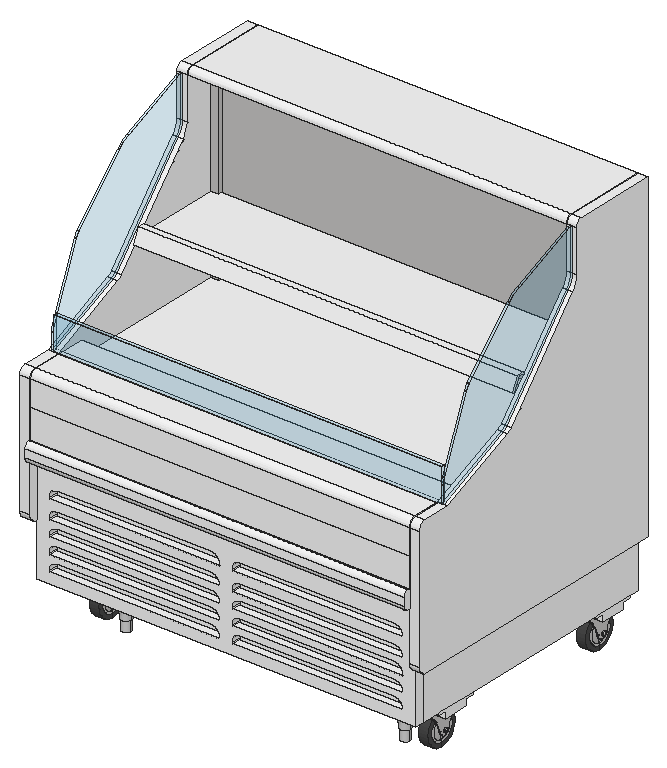
Revit family "QF_EVEREST_EOMH-48-_-35-T_cat", category Specialty Equipment, Revit 2017
Family settings
  Round Connector Dimension = Use Diameter
  Part Type = Normal
  Work Plane-Based = No
  Always vertical = Yes
  Cut with Voids When Loaded = No
  Shared = No
  Room Calculation Point = No
Parameters (values of type "QF_EVEREST_EOMH-48-_-35-T_cat")
  Weight in Pounds = 0
  Watts = if(Phase = 3, Volts * FL Amps * 1.73, Volts * FL Amps)  # 862.5 W
  Volts = 115 V
  URL Cutsheet = ""
  Specification by User = ""
  Specification by Manufacturer = ""
  Serial Number = ""
  Seismic Rating = ""
  SMACNA No = ""
  Revision Code = ""
  Refrigerant Volume = 0.00 kip
  Refrigerant Type = "R290"
  Phase = 1
  Number of Poles = 1
  NAFEM Spec ID Number = ""
  Model = "EOMH-36-B-35-T"
  Min Ckt Ampacity = 0 A
  Max Overcurrent Protection = 0 A
  Materials and Finishes = QF_Plastic - White - Smooth
  Masterspec = ""
  Manufacturer = "EVEREST"
  Length = 48"
  Item Number = ""
  Installed By = ""
  Identify Quantity as Lot = yes
  Height = 51"
  HP = "3/4"  # constant formula
  Furnished By = ""
  Foodservice Equipment Identifier = yes
  FL Amps = 7.5 A  # constant formula
  Electrical Remarks = ""
  Electric Connection Type = ""
  Elec Conn RI Height = 0"
  Elec Conn Connection Height = 0"
  Description = "OPEN AIR MERCHANDISERS"
  Depth = 34 1/4"
  Cycle = 60 Hz
  Conn Plug = "NEMA 5-20P"
  Conn Conduit = yes
  CSI MasterFormat = ""
  BTUH = 0.0 Btu/h
  Apparent Power = if(Phase = 3, Volts * FL Amps * 1.73, Volts * FL Amps)  # 862.5 VA
Reference planes (in)
  plane 1 "BACK": y = 0
  plane 2: z = 0
  plane 3 "LEFT": x = 0
  plane 4 "RIGHT": x = 48
  plane 5 "FRONT": y = -35
  plane 6 "TOP": z = 51
  plane 7 "Center Y": x = 24
  plane 8 "Center X": y = -17.5
  plane 9: z = 5
  plane 10: z = 28.75
  plane 11: z = 27
  plane 12: z = 35.25
  plane 13: z = 36.25
  plane 14: z = 45.25
  plane 15: x = 4.24624
  plane 16: x = 43.75376
  plane 17: x = 12
Forms (in)
  Extrusion 1, solid, material "QF_Plastic - White - Smooth" <- "Materials and Finishes"
    sketch origin (0, 0, 0) x (0, 1, 0) y (0, 0, 1)
      loop
        line (-34.25, 27.89222) -> (-34.25, 13.267)
        arc (-34.25, 13.267) -> (-33.95711, 12.55989) -> (-33.25, 12.267) r 1
        line (-33.25, 12.267) -> (0, 12.267) -> (0, 51) -> (-9.89202, 51)
        arc (-9.89202, 51) -> (-10.42235, 50.78033) -> (-10.64202, 50.25) r 0.75
        line (-10.64202, 50.25) -> (-10.64202, 45.20626)
        arc (-10.64202, 45.20626) -> (-10.79628, 44.3532) -> (-11.23952, 43.60818) r 2.43588
        line (-11.23952, 43.60818) -> (-20.42309, 33.04369)
        arc (-20.42309, 33.04369) -> (-20.69654, 32.79238) -> (-21.01898, 32.60807) r 1.66181
        line (-21.01898, 32.60807) -> (-29.96169, 28.75) -> (-33.39222, 28.75)
        arc (-33.39222, 28.75) -> (-33.99876, 28.49876) -> (-34.25, 27.89222) r 0.85778
    from 0 to 1.22604
  Extrusion 2, solid, material "QF_Plastic - White - Smooth" <- "Materials and Finishes"
    sketch origin (0, 0, 0) x (0, 1, 0) y (0, 0, 1)
      loop
        line (0, 51) -> (-9.89202, 51)
        arc (-9.89202, 51) -> (-10.42235, 50.78033) -> (-10.64202, 50.25) r 0.75
        line (-10.64202, 50.25) -> (-6.69601, 50.25) -> (-6.69601, 24.89515) -> (-33.25, 24.89515) -> (-33.25, 21.29979) -> (-34.35184, 21.29979)
        arc (-34.35184, 21.29979) -> (-34.81016, 21.10995) -> (-35, 20.65164) r 0.64816
        line (-35, 20.65164) -> (-35, 19.73115)
        arc (-35, 19.73115) -> (-34.82789, 19.31565) -> (-34.41239, 19.14354) r 0.58761
        line (-34.41239, 19.14354) -> (-33.25, 19.14354) -> (-32.25, 19.14354) -> (-32.25, 6.017) -> (0, 6.017) -> (0, 51)
    from 1.22604 to 46.77396
  Extrusion 3, solid, material "QF_Plastic - White - Smooth" <- "Materials and Finishes"
    sketch origin (0, -32.25, 6.017) x (0, 0, 1) y (-1, 0, 0)
      loop
        line (13.12655, -1.22604) -> (0, -1.22604) -> (0, -46.77396) -> (13.12655, -46.77396) -> (13.12655, -1.22604)
      loop
        line (10.31385, -44.20901) -> (10.31385, -25.77151)
        arc (10.31385, -25.77151) -> (10.02095, -25.0644) -> (9.31385, -24.77151) r 1
        line (9.31385, -24.77151) -> (9.12635, -24.77151) -> (9.12635, -45.20901) -> (9.31385, -45.20901)
        arc (9.31385, -45.20901) -> (10.02095, -44.91611) -> (10.31385, -44.20901) r 1
      loop
        line (8.06385, -44.20901) -> (8.06385, -25.77151)
        arc (8.06385, -25.77151) -> (7.77095, -25.0644) -> (7.06385, -24.77151) r 1
        line (7.06385, -24.77151) -> (6.87635, -24.77151) -> (6.87635, -45.20901) -> (7.06385, -45.20901)
        arc (7.06385, -45.20901) -> (7.77095, -44.91611) -> (8.06385, -44.20901) r 1
      loop
        line (6.19272, -44.20901) -> (6.19272, -25.77151)
        arc (6.19272, -25.77151) -> (5.89982, -25.0644) -> (5.19272, -24.77151) r 1
        line (5.19272, -24.77151) -> (5.00522, -24.77151) -> (5.00522, -45.20901) -> (5.19272, -45.20901)
        arc (5.19272, -45.20901) -> (5.89982, -44.91611) -> (6.19272, -44.20901) r 1
      loop
        line (4.32159, -44.20901) -> (4.32159, -25.77151)
        arc (4.32159, -25.77151) -> (4.02869, -25.0644) -> (3.32159, -24.77151) r 1
        line (3.32159, -24.77151) -> (3.13409, -24.77151) -> (3.13409, -45.20901) -> (3.32159, -45.20901)
        arc (3.32159, -45.20901) -> (4.02869, -44.91611) -> (4.32159, -44.20901) r 1
      loop
        line (2.45046, -44.20901) -> (2.45046, -25.77151)
        arc (2.45046, -25.77151) -> (2.15757, -25.0644) -> (1.45046, -24.77151) r 1
        line (1.45046, -24.77151) -> (1.26296, -24.77151) -> (1.26296, -45.20901) -> (1.45046, -45.20901)
        arc (1.45046, -45.20901) -> (2.15757, -44.91611) -> (2.45046, -44.20901) r 1
      loop
        arc (10.31385, -3.79099) -> (10.02095, -3.08389) -> (9.31385, -2.79099) r 1
        line (9.31385, -2.79099) -> (9.12635, -2.79099) -> (9.12635, -23.22849) -> (9.31385, -23.22849)
        arc (9.31385, -23.22849) -> (10.02095, -22.9356) -> (10.31385, -22.22849) r 1
        line (10.31385, -22.22849) -> (10.31385, -3.79099)
      loop
        arc (8.06385, -3.79099) -> (7.77095, -3.08389) -> (7.06385, -2.79099) r 1
        line (7.06385, -2.79099) -> (6.87635, -2.79099) -> (6.87635, -23.22849) -> (7.06385, -23.22849)
        arc (7.06385, -23.22849) -> (7.77095, -22.9356) -> (8.06385, -22.22849) r 1
        line (8.06385, -22.22849) -> (8.06385, -3.79099)
      loop
        arc (6.19272, -3.79099) -> (5.89982, -3.08389) -> (5.19272, -2.79099) r 1
        line (5.19272, -2.79099) -> (5.00522, -2.79099) -> (5.00522, -23.22849) -> (5.19272, -23.22849)
        arc (5.19272, -23.22849) -> (5.89982, -22.9356) -> (6.19272, -22.22849) r 1
        line (6.19272, -22.22849) -> (6.19272, -3.79099)
      loop
        arc (4.32159, -3.79099) -> (4.02869, -3.08389) -> (3.32159, -2.79099) r 1
        line (3.32159, -2.79099) -> (3.13409, -2.79099) -> (3.13409, -23.22849) -> (3.32159, -23.22849)
        arc (3.32159, -23.22849) -> (4.02869, -22.9356) -> (4.32159, -22.22849) r 1
        line (4.32159, -22.22849) -> (4.32159, -3.79099)
      loop
        arc (2.45046, -3.79099) -> (2.15757, -3.08389) -> (1.45046, -2.79099) r 1
        line (1.45046, -2.79099) -> (1.26296, -2.79099) -> (1.26296, -23.22849) -> (1.45046, -23.22849)
        arc (1.45046, -23.22849) -> (2.15757, -22.9356) -> (2.45046, -22.22849) r 1
        line (2.45046, -22.22849) -> (2.45046, -3.79099)
    from 0 to 1.03984
  Extrusion 4, solid, material "QF_Plastic - White - Smooth" <- "Materials and Finishes"
    sketch origin (1.22604, 0, 0) x (0, 1, 0) y (0, 0, 1)
      loop
        line (-33.25, 21.29979) -> (-33.25, 24.89515) -> (-34.25, 24.89515) -> (-34.25, 21.29979) -> (-33.25, 21.29979)
    from 0 to 45.54793
  Extrusion 5, solid, material "QF_Plastic - White - Smooth" <- "Materials and Finishes"
    sketch origin (1.22604, 0, -1.12184) x (0, 1, 0) y (0, 0, 1)
      loop
        line (-30, 29.87184) -> (-30, 26.017) -> (-6.69601, 26.017) -> (-6.69601, 28.12184) -> (-26.69601, 28.12184) -> (-26.69601, 29.87184) -> (-30, 29.87184)
    from 0 to 45.54793
  Extrusion 6, solid, material "QF_Plastic - White - Smooth"
    sketch origin (0, 0, 0) x (0, 1, 0) y (0, 0, 1)
      loop
        line (-16.69601, 36.25) -> (-17.19601, 37.11603) -> (-17.94601, 37.11603) -> (-18.68559, 35.52999) -> (-18.54767, 35.52999) -> (-17.86637, 36.99103) -> (-17.26818, 36.99103) -> (-16.69601, 36) -> (-16.69601, 35.25) -> (-6.69601, 35.25) -> (-6.69601, 36.25) -> (-16.69601, 36.25)
    from 1.22604 to 46.77396
  Extrusion 7, solid, material "QF_Plastic - White - Smooth" <- "Materials and Finishes"
    sketch origin (0, 0, 0) x (0, 1, 0) y (0, 0, 1)
      loop
        line (-29.89975, 6.017) -> (-29.89975, 5.767) -> (-28.83868, 5.767) -> (-28.83868, 5) -> (-25.83868, 5) -> (-25.83868, 5.767) -> (-24.79418, 5.767) -> (-24.79418, 6.017) -> (-29.89975, 6.017)
      loop
        line (-6.20569, 6.017) -> (-6.20569, 5.767) -> (-5.14462, 5.767) -> (-5.14462, 5) -> (-2.14462, 5) -> (-2.14462, 5.767) -> (-1.10012, 5.767) -> (-1.10012, 6.017) -> (-6.20569, 6.017)
    from 1.22604 to 46.77396
  Extrusion 8, solid, material "QF_Plastic - White - Smooth" <- "Materials and Finishes"
    sketch origin (1.22604, 0, -1.12184) x (0, 1, 0) y (0, 0, 1)
      loop
        arc (-33.39222, 29.87184) -> (-33.99876, 29.6206) -> (-34.25, 29.01406) r 0.85778
        line (-34.25, 29.01406) -> (-34.25, 26.017) -> (-30, 26.017) -> (-30, 29.87184) -> (-33.39222, 29.87184)
    from 0 to 45.54793
  Extrusion 9, solid, material "Glass"
    sketch origin (1.22604, 0, 0) x (0, 1, 0) y (0, 0, 1)
      loop
        line (-20.67142, 32.75801) -> (-11.23952, 43.60818)
        arc (-11.23952, 43.60818) -> (-10.79628, 44.3532) -> (-10.64202, 45.20626) r 2.43588
        line (-10.64202, 45.20626) -> (-10.64202, 50.25) -> (-11.07885, 50.25) -> (-18.68994, 47.10232)
        arc (-18.68994, 47.10232) -> (-19.4692, 46.68621) -> (-20.15215, 46.12589) r 4.5
        line (-20.15215, 46.12589) -> (-26.2043, 40.07374)
        arc (-26.2043, 40.07374) -> (-26.44816, 39.77791) -> (-26.6311, 39.44099) r 2
        line (-26.6311, 39.44099) -> (-29.92864, 31.67247)
        arc (-29.92864, 31.67247) -> (-30.05184, 31.2757) -> (-30.09346, 30.86234) r 2.07337
        line (-30.09346, 30.86234) -> (-30.09346, 28.75) -> (-29.96169, 28.75) -> (-20.67142, 32.75801)
    from -0.51714 to -0.7699
  Extrusion 10, solid, material "QF_Plastic - White - Smooth" <- "Materials and Finishes"
    sketch origin (48, 0, 0) x (0, -1, 0) y (0, 0, 1)
      loop
        arc (34.25, 27.89222) -> (33.99876, 28.49876) -> (33.39222, 28.75) r 0.85778
        line (33.39222, 28.75) -> (29.96169, 28.75) -> (21.01898, 32.60807)
        arc (21.01898, 32.60807) -> (20.69654, 32.79238) -> (20.42309, 33.04369) r 1.66181
        line (20.42309, 33.04369) -> (11.23952, 43.60818)
        arc (11.23952, 43.60818) -> (10.79628, 44.3532) -> (10.64202, 45.20626) r 2.43588
        line (10.64202, 45.20626) -> (10.64202, 50.25)
        arc (10.64202, 50.25) -> (10.42235, 50.78033) -> (9.89202, 51) r 0.75
        line (9.89202, 51) -> (0, 51) -> (0, 12.267) -> (33.25, 12.267)
        arc (33.25, 12.267) -> (33.95711, 12.55989) -> (34.25, 13.267) r 1
        line (34.25, 13.267) -> (34.25, 27.89222)
    from 0 to 1.22604
  Extrusion 11, solid, material "QF_Metal - Stainless - Polished"
    sketch origin (0, -6.69601, 80.69493) x (0, 0, -1) y (1, 0, 0)
      loop
        line (30.44493, 1.22604) -> (44.44493, 1.22604) -> (44.44493, 2.22604) -> (30.44493, 2.22604) -> (30.44493, 1.22604)
      loop
        line (45.44493, 1.22604) -> (55.79977, 1.22604) -> (55.79977, 2.22604) -> (45.44493, 2.22604) -> (45.44493, 1.22604)
      loop
        line (30.44493, 46.77396) -> (30.44493, 45.77396) -> (44.44493, 45.77396) -> (44.44493, 46.77396) -> (30.44493, 46.77396)
      loop
        line (45.44493, 46.77396) -> (45.44493, 45.77396) -> (55.79977, 45.77396) -> (55.79977, 46.77396) -> (45.44493, 46.77396)
    from 0 to 0.5
  Extrusion 12, solid, material "Glass"
    sketch origin (46.77396, 0, 0) x (0, 1, 0) y (0, 0, -1)
      loop
        line (-20.67142, -32.75801) -> (-29.96169, -28.75) -> (-30.09346, -28.75) -> (-30.09346, -30.86234)
        arc (-30.09346, -30.86234) -> (-30.05184, -31.2757) -> (-29.92864, -31.67247) r 2.07337
        line (-29.92864, -31.67247) -> (-26.6311, -39.44099)
        arc (-26.6311, -39.44099) -> (-26.44816, -39.77791) -> (-26.2043, -40.07374) r 2
        line (-26.2043, -40.07374) -> (-20.15215, -46.12589)
        arc (-20.15215, -46.12589) -> (-19.4692, -46.68621) -> (-18.68994, -47.10232) r 4.5
        line (-18.68994, -47.10232) -> (-11.07885, -50.25) -> (-10.64202, -50.25) -> (-10.64202, -45.20626)
        arc (-10.64202, -45.20626) -> (-10.79628, -44.3532) -> (-11.23952, -43.60818) r 2.43588
        line (-11.23952, -43.60818) -> (-20.67142, -32.75801)
    from -0.51714 to -0.7699
  Extrusion 13, solid, material "QF_Metal - Stainless - Polished"
    sketch origin (-6.625, 0.75, 0) x (1, 0, 0) y (0, 1, 0)
      loop
        line (17.93111, 0.25) -> (17.62982, -0.625) -> (17.14606, -0.625) -> (17.08777, -0.75) -> (17.71898, -0.75) -> (18.02027, 0.125) -> (19.22973, 0.125) -> (19.53102, -0.75) -> (20.16223, -0.75) -> (20.10394, -0.625) -> (19.62018, -0.625) -> (19.31889, 0.25) -> (17.93111, 0.25)
    from 30.20553 to 31.45625
  Extrusion 14, solid, material "Glass"
    sketch origin (0.7089, 0, 0) x (0, 1, 0) y (0, 0, 1)
      loop
        line (-30.09346, 28.75) -> (-29.59346, 28.75) -> (-29.59346, 32.75) -> (-30.09346, 32.75) -> (-30.09346, 28.75)
    from 0 to 46.58221
  Extrusion 15, solid, material "QF_Metal - Stainless - Polished"
    sketch origin (54.625, 0.75, 0) x (-1, 0, 0) y (0, -1, 0)
      loop
        line (17.93111, -0.25) -> (19.31889, -0.25) -> (19.62018, 0.625) -> (20.10394, 0.625) -> (20.16223, 0.75) -> (19.53102, 0.75) -> (19.22973, -0.125) -> (18.02027, -0.125) -> (17.71898, 0.75) -> (17.08777, 0.75) -> (17.14606, 0.625) -> (17.62982, 0.625) -> (17.93111, -0.25)
    from 30.20553 to 31.45625
Lines and regions (in)
  symbolic lines
    curve 1: line (0, -34.25, 0) -> (48, -34.25, 0)
    curve 2: line (0, 0, 0) -> (0, -34.25, 0)
    curve 3: line (48, 0, 0) -> (0, 0, 0)
    curve 4: line (48, -34.25, 0) -> (48, 0, 0)
    curve 5: line (1.22604, -35, 0) -> (1.22604, -34.25, 0)
    curve 6: line (1.22604, -35, 0) -> (46.77396, -35, 0)
    curve 7: line (46.77396, -35, 0) -> (46.77396, -34.25, 0)
    curve 8: line (1.22604, 0, 0) -> (1.22604, -34.25, 0)
    curve 9: line (46.77396, 0, 0) -> (46.77396, -34.25, 0)
    curve 10: line (0.45614, -30.09346, 0) -> (0.7089, -30.09346, 0)
    curve 11: line (0.7089, -30.09346, 0) -> (0.7089, -10.64202, 0)
    curve 12: line (0.45614, -30.09346, 0) -> (0.45614, -10.64202, 0)
    curve 13: line (0, -10.64202, 0) -> (48, -10.64202, 0)
    curve 14: line (47.2911, -30.09346, 0) -> (47.2911, -10.64202, 0)
    curve 15: line (47.2911, -30.09346, 0) -> (47.54386, -30.09346, 0)
    curve 16: line (47.54386, -30.09346, 0) -> (47.54386, -10.64202, 0)
    curve 17: line (1.22604, -24.75, 0) -> (46.77396, -24.75, 0)
    curve 18: line (12.69389, 1, 0) -> (11.30611, 1, 0)
    curve 19: line (10.52106, 0.125, 0) -> (10.46277, 0, 0)
    curve 20: line (12.99518, 0.125, 0) -> (12.69389, 1, 0)
    curve 21: line (13.47894, 0.125, 0) -> (12.99518, 0.125, 0)
    curve 22: line (13.53723, 0, 0) -> (13.47894, 0.125, 0)
    curve 23: line (12.60473, 0.875, 0) -> (12.90602, 0, 0)
    curve 24: line (11.39527, 0.875, 0) -> (12.60473, 0.875, 0)
    curve 25: line (11.09398, 0, 0) -> (11.39527, 0.875, 0)
    curve 26: line (11.30611, 1, 0) -> (11.00482, 0.125, 0)
    curve 27: line (11.00482, 0.125, 0) -> (10.52106, 0.125, 0)
    curve 28: line (35.30611, 1, 0) -> (36.69389, 1, 0)
    curve 29: line (37.47894, 0.125, 0) -> (37.53723, 0, 0)
    curve 30: line (35.00482, 0.125, 0) -> (35.30611, 1, 0)
    curve 31: line (34.52106, 0.125, 0) -> (35.00482, 0.125, 0)
    curve 32: line (34.46277, 0, 0) -> (34.52106, 0.125, 0)
    curve 33: line (35.39527, 0.875, 0) -> (35.09398, 0, 0)
    curve 34: line (36.60473, 0.875, 0) -> (35.39527, 0.875, 0)
    curve 35: line (36.90602, 0, 0) -> (36.60473, 0.875, 0)
    curve 36: line (36.69389, 1, 0) -> (36.99518, 0.125, 0)
    curve 37: line (36.99518, 0.125, 0) -> (37.47894, 0.125, 0)
Dimensions and locks (in)
  equal spacing: plane 3 "LEFT", plane 7 "Center Y", plane 4 "RIGHT"
  "Length": plane 3 "LEFT" to plane 4 "RIGHT"
  equal spacing: plane 5 "FRONT", plane 8 "Center X", plane 1 "BACK"
  plane 5 "FRONT" to plane 1 "BACK" = 35"  (x2)
  "Height": plane 6 "TOP" to level
  plane 9 to plane 2 = 5"
  plane 6 "TOP" to plane 9 = 46"
  "Depth": curve 1 to plane 1 "BACK"
  plane 10 to plane 2 = 28 3/4"
  Extrusion 5 to Extrusion 11 = 20"
  Extrusion 6 to Extrusion 5 = 8 1/4"
  plane 13 to plane 14 = 9"
  Extrusion 6 to Extrusion 6 = 10"
  aligned and locked: plane 2 to level
Automatic sketch dimensions
  Extrusion 1 sketch curve to plane 10 = 0"
  Extrusion 1 sketch curve to plane 6 "TOP" = 0"
  Extrusion 1 sketch curve to plane 1 "BACK" = 0"
  plane 8 "Center X" to Extrusion 1 sketch curve = 7.60798"
  Extrusion 1 sketch curve to plane 6 "TOP" = 3/4"
  plane 14 to Extrusion 1 sketch curve = 1.64182"
  Extrusion 1 sketch curve to Extrusion 1 sketch curve = 0.5975"
  plane 14 to Extrusion 1 sketch curve = 0.04374"
  Extrusion 1 sketch curve to plane 8 "Center X" = 2.92309"
  Extrusion 1 sketch curve to Extrusion 1 sketch curve = 0.59589"
  Extrusion 1 sketch curve to Extrusion 1 sketch curve = 1.25418"
  Extrusion 1 sketch curve to plane 5 "FRONT" = 5.03831"
  Extrusion 1 sketch curve to plane 5 "FRONT" = 1 3/4"
  Extrusion 1 sketch curve to plane 5 "FRONT" = 1.60778"
  Extrusion 1 sketch curve to plane 5 "FRONT" = 3/4"
  plane 9 to Extrusion 1 sketch curve = 8.267"
  plane 12 to Extrusion 1 sketch curve = 2.64193"
  Extrusion 1 sketch curve to Extrusion 1 sketch curve = 0.43562"
  Extrusion 2 sketch curve to plane 5 "FRONT" = 0"
  Extrusion 2 sketch curve to plane 6 "TOP" = 0"
  Extrusion 2 sketch curve to plane 1 "BACK" = 0"
  Extrusion 2 sketch curve to plane 5 "FRONT" = 0.58761"
  Extrusion 2 sketch curve to plane 5 "FRONT" = 0.64816"
  Extrusion 2 sketch curve to Extrusion 2 sketch curve = 1.16239"
  Extrusion 2 sketch curve to Extrusion 2 sketch curve = 1.10184"
  Extrusion 2 sketch curve to Extrusion 2 sketch curve = 1"
  Extrusion 2 sketch curve to plane 6 "TOP" = 3/4"
  plane 8 "Center X" to Extrusion 2 sketch curve = 6.85798"
  Extrusion 2 sketch curve to Extrusion 2 sketch curve = 3.19601"
  plane 11 to Extrusion 2 sketch curve = 2.10485"
  Extrusion 2 sketch curve to Extrusion 2 sketch curve = 3.59536"
  Extrusion 2 sketch curve to Extrusion 2 sketch curve = 0.92048"
  plane 9 to Extrusion 2 sketch curve = 1.017"
  Extrusion 3 sketch curve to Extrusion 2 = 0"  (x4)
  Extrusion 2 to Extrusion 3 sketch curve = 1.26296"  (x2)
  Extrusion 3 sketch curve to Extrusion 3 sketch curve = 3/16"  (x13)
  Extrusion 3 sketch curve to Extrusion 3 sketch curve = 1"  (x16)
  Extrusion 3 sketch curve to Extrusion 3 sketch curve = 0.68363"  (x6)
  Extrusion 3 sketch curve to Extrusion 3 sketch curve = 0.87113"  (x7)
  Extrusion 3 sketch curve to Extrusion 3 sketch curve = 1 1/16"  (x2)
  Extrusion 2 to Extrusion 3 sketch curve = 1.56496"  (x2)
  Extrusion 3 sketch curve to Extrusion 3 sketch curve = 18 7/16"
  Extrusion 3 sketch curve to Extrusion 3 sketch curve = 0"  (x7)
  Extrusion 3 sketch curve to Extrusion 3 sketch curve = 1.54301"  (x2)
  Extrusion 2 to Extrusion 3 sketch curve = 2.56496"  (x2)
  Extrusion 4 sketch curve to Extrusion 1 = 0"
  Extrusion 4 sketch curve to Extrusion 4 sketch curve = 1"
  Extrusion 4 sketch curve to Extrusion 1 = 7.45021"
  Extrusion 4 sketch curve to Extrusion 4 sketch curve = 3.59536"
  Extrusion 5 sketch curve to Extrusion 1 = 0"
  Extrusion 5 sketch curve to Extrusion 1 = 4 1/4"
  Extrusion 5 sketch curve to Extrusion 5 sketch curve = 3.30399"
  Extrusion 5 sketch curve to Extrusion 1 = 1 3/4"
  Extrusion 5 sketch curve to Extrusion 1 = 3.94601"
  Extrusion 5 sketch curve to Extrusion 5 sketch curve = 2.10485"
  plane 12 to Extrusion 6 sketch curve = 0"
  plane 13 to Extrusion 6 sketch curve = 0"
  Extrusion 6 sketch curve to plane 12 = 0.27999"
  Extrusion 6 sketch curve to plane 8 "Center X" = 1.18559"
  Extrusion 6 sketch curve to Extrusion 6 sketch curve = 0.13792"
  Extrusion 6 sketch curve to plane 8 "Center X" = 0.44601"
  Extrusion 6 sketch curve to Extrusion 6 sketch curve = 0.07963"
  plane 8 "Center X" to Extrusion 6 sketch curve = 0.23182"
  Extrusion 6 sketch curve to Extrusion 6 sketch curve = 0.07217"
  plane 8 "Center X" to Extrusion 6 sketch curve = 0.80399"
  Extrusion 6 sketch curve to Extrusion 6 sketch curve = 0"
  plane 1 "BACK" to Extrusion 6 sketch curve = 6.69601"
  Extrusion 6 sketch curve to Extrusion 6 sketch curve = 1/4"
  Extrusion 6 sketch curve to plane 13 = 0.74103"
  Extrusion 6 sketch curve to Extrusion 6 sketch curve = 1/8"
  Extrusion 7 sketch curve to plane 9 = 0"  (x2)
  plane 9 to Extrusion 7 sketch curve = 1.017"  (x2)
  Extrusion 7 sketch curve to plane 5 "FRONT" = 5.10025"
  Extrusion 7 sketch curve to Extrusion 7 sketch curve = 1.06106"  (x2)
  Extrusion 7 sketch curve to Extrusion 7 sketch curve = 3"
  Extrusion 7 sketch curve to Extrusion 7 sketch curve = 1.0445"  (x2)
  plane 1 "BACK" to Extrusion 7 sketch curve = 6.20569"
  plane 1 "BACK" to Extrusion 7 sketch curve = 2.14462"
  Extrusion 7 sketch curve to Extrusion 7 sketch curve = 0.767"  (x3)
  Extrusion 7 sketch curve to Extrusion 7 sketch curve = 1/4"
  Extrusion 8 sketch curve to Extrusion 1 = 4 1/4"
  Extrusion 8 sketch curve to Extrusion 8 sketch curve = 2.99706"
  Extrusion 9 sketch curve to Extrusion 1 = 0"  (x3)
  Extrusion 1 to Extrusion 9 sketch curve = 0"
  Extrusion 9 sketch curve to Extrusion 9 sketch curve = 0.13177"
  Extrusion 1 to Extrusion 9 sketch curve = 2.92247"
  Extrusion 9 sketch curve to Extrusion 9 sketch curve = 0.16482"
  Extrusion 9 sketch curve to Extrusion 9 sketch curve = 1.90855"
  Extrusion 9 sketch curve to Extrusion 1 = 7.6189"
  Extrusion 9 sketch curve to Extrusion 9 sketch curve = 0.4268"
  Extrusion 9 sketch curve to Extrusion 9 sketch curve = 1.41421"
  Extrusion 9 sketch curve to Extrusion 9 sketch curve = 7.07425"
  Extrusion 9 sketch curve to Extrusion 1 = 3.89768"
  Extrusion 9 sketch curve to Extrusion 9 sketch curve = 1.46221"
  Extrusion 9 sketch curve to Extrusion 9 sketch curve = 3.18198"
  Extrusion 1 to Extrusion 9 sketch curve = 0.5975"
  Extrusion 1 to Extrusion 9 sketch curve = 0.43683"
  Extrusion 9 sketch curve to Extrusion 9 sketch curve = 5.90151"
  Extrusion 9 sketch curve to Extrusion 9 sketch curve = 0.78146"
  Extrusion 9 sketch curve to Extrusion 9 sketch curve = 4.15841"
  Extrusion 9 sketch curve to Extrusion 1 = 3/4"
  Extrusion 10 sketch curve to plane 1 "BACK" = 0"
  Extrusion 10 sketch curve to plane 6 "TOP" = 0"
  Extrusion 10 sketch curve to plane 10 = 0"
  plane 8 "Center X" to Extrusion 10 sketch curve = 7.60798"
  Extrusion 10 sketch curve to plane 6 "TOP" = 3/4"
  plane 14 to Extrusion 10 sketch curve = 1.64182"
  Extrusion 10 sketch curve to Extrusion 10 sketch curve = 0.5975"
  plane 14 to Extrusion 10 sketch curve = 0.04374"
  Extrusion 10 sketch curve to plane 8 "Center X" = 2.92309"
  Extrusion 10 sketch curve to Extrusion 10 sketch curve = 0.59589"
  Extrusion 10 sketch curve to Extrusion 10 sketch curve = 0.65829"
  Extrusion 10 sketch curve to plane 5 "FRONT" = 5.03831"
  Extrusion 10 sketch curve to plane 5 "FRONT" = 1 3/4"
  Extrusion 10 sketch curve to plane 5 "FRONT" = 1.60778"
  Extrusion 10 sketch curve to plane 5 "FRONT" = 3/4"
  plane 9 to Extrusion 10 sketch curve = 8.267"
  plane 12 to Extrusion 10 sketch curve = 2.64193"
  Extrusion 10 sketch curve to Extrusion 10 sketch curve = 0.43562"
  Extrusion 11 sketch curve to plane 13 = 0"  (x2)
  Extrusion 11 sketch curve to plane 12 = 0"  (x2)
  Extrusion 11 sketch curve to plane 6 "TOP" = 3/4"  (x2)
  plane 11 to Extrusion 11 sketch curve = 2.10485"  (x2)
  plane 3 "LEFT" to Extrusion 11 sketch curve = 1.22604"  (x2)
  Extrusion 11 sketch curve to Extrusion 11 sketch curve = 1"  (x4)
  Extrusion 11 sketch curve to plane 16 = 2.0202"  (x2)
  Extrusion 12 sketch curve to plane 10 = 0"
  Extrusion 12 sketch curve to plane 5 "FRONT" = 4.90654"
  Extrusion 12 sketch curve to Extrusion 12 sketch curve = 0.13177"
  plane 10 to Extrusion 12 sketch curve = 2.92247"
  Extrusion 12 sketch curve to Extrusion 12 sketch curve = 0.16482"
  Extrusion 12 sketch curve to Extrusion 12 sketch curve = 2.07337"
  Extrusion 12 sketch curve to plane 13 = 3.19099"
  Extrusion 12 sketch curve to plane 5 "FRONT" = 8.3689"
  Extrusion 12 sketch curve to plane 13 = 3.82374"
  Extrusion 12 sketch curve to Extrusion 12 sketch curve = 0.4268"
  Extrusion 12 sketch curve to Extrusion 12 sketch curve = 1.84101"
  Extrusion 12 sketch curve to plane 8 "Center X" = 3.17142"
  Extrusion 12 sketch curve to plane 14 = 0.87589"
  Extrusion 12 sketch curve to plane 8 "Center X" = 2.65215"
  Extrusion 12 sketch curve to plane 8 "Center X" = 1.18994"
  plane 8 "Center X" to Extrusion 12 sketch curve = 0.52983"
  plane 14 to Extrusion 12 sketch curve = 0.04374"
  plane 8 "Center X" to Extrusion 12 sketch curve = 4.4221"
  plane 14 to Extrusion 12 sketch curve = 1.64182"
  Extrusion 12 sketch curve to Extrusion 12 sketch curve = 1.83838"
  Extrusion 12 sketch curve to Extrusion 12 sketch curve = 0.43683"
  Extrusion 12 sketch curve to Extrusion 12 sketch curve = 0.97643"
  Extrusion 12 sketch curve to plane 6 "TOP" = 3/4"
  plane 12 to Extrusion 12 sketch curve = 2.49199"
  plane 1 "BACK" to Extrusion 13 sketch curve = 0"  (x2)
  Extrusion 13 sketch curve to plane 17 = 1.53723"
  Extrusion 13 sketch curve to plane 1 "BACK" = 1/8"  (x2)
  Extrusion 13 sketch curve to Extrusion 13 sketch curve = 0.05829"  (x2)
  Extrusion 13 sketch curve to Extrusion 13 sketch curve = 0.48376"  (x2)
  Extrusion 13 sketch curve to Extrusion 13 sketch curve = 0.08916"  (x4)
  Extrusion 13 sketch curve to plane 17 = 0.69389"
  plane 17 to Extrusion 13 sketch curve = 0.60473"
  plane 17 to Extrusion 13 sketch curve = 0.90602"
  Extrusion 13 sketch curve to Extrusion 13 sketch curve = 3/4"
  Extrusion 13 sketch curve to Extrusion 13 sketch curve = 1/8"
  Extrusion 14 sketch curve to plane 10 = 0"
  Extrusion 14 sketch curve to plane 5 "FRONT" = 4.90654"
  Extrusion 14 sketch curve to Extrusion 14 sketch curve = 1/2"
  plane 12 to Extrusion 14 sketch curve = 2 1/2"
  plane 1 "BACK" to Extrusion 15 sketch curve = 0"  (x2)
  plane 16 to Extrusion 15 sketch curve = 6.21653"
  Extrusion 15 sketch curve to plane 1 "BACK" = 1/8"  (x2)
  Extrusion 15 sketch curve to Extrusion 15 sketch curve = 0.05829"  (x2)
  Extrusion 15 sketch curve to Extrusion 15 sketch curve = 0.48376"  (x2)
  Extrusion 15 sketch curve to Extrusion 15 sketch curve = 0.08916"  (x4)
  Extrusion 15 sketch curve to plane 1 "BACK" = 1"
  Extrusion 15 sketch curve to Extrusion 15 sketch curve = 0.30129"  (x2)
  Extrusion 15 sketch curve to plane 1 "BACK" = 7/8"
  Extrusion 15 sketch curve to Extrusion 15 sketch curve = 1.20946"
  curve 13 to plane 3 "LEFT" = 0"
  plane 5 "FRONT" to curve 6 = 0"
  plane 1 "BACK" to curve 8 = 0"
  curve 4 to plane 4 "RIGHT" = 0"
  plane 3 "LEFT" to curve 10 = 0.45614"
  curve 10 to curve 10 = 0.25276"
  plane 3 "LEFT" to curve 6 = 1.22604"
  curve 27 to plane 1 "BACK" = 1/8"
  curve 27 to plane 17 = 1.47894"
  curve 19 to curve 26 = 0.48376"
  curve 18 to plane 17 = 0.69389"
  curve 18 to curve 25 = 0.08916"
  plane 17 to curve 24 = 0.60473"
  curve 23 to curve 20 = 0.08916"  (x2)
  curve 20 to plane 1 "BACK" = 1/8"
  curve 23 to curve 20 = 0.39045"
  curve 20 to curve 22 = 0.48376"
  curve 32 to plane 1 "BACK" = 1/8"
  plane 16 to curve 32 = 9.2327"
  curve 31 to curve 31 = 0.48376"
  curve 30 to curve 28 = 0.30129"
  curve 28 to curve 34 = 0.08916"
  curve 33 to curve 34 = 1.20946"
  curve 36 to plane 1 "BACK" = 1"
  curve 34 to curve 36 = 0.08916"
  curve 36 to plane 1 "BACK" = 1/8"
  curve 34 to curve 36 = 0.39045"
  curve 36 to curve 29 = 0.48376"
  plane 4 "RIGHT" to curve 7 = 1.22604"
  plane 4 "RIGHT" to curve 15 = 0.7089"
  curve 14 to curve 16 = 0.25276"
  curve 8 to curve 10 = 4.15654"
  curve 1 to curve 16 = 4.15654"
  curve 26 to curve 24 = 3/4"
  curve 35 to curve 28 = 1/8"
  curve 24 to curve 26 = 1/8"
  plane 3 "LEFT" to curve 17 = 1.22604"
  curve 19 to curve 19 = 0.05829"
  curve 26 to curve 25 = 0.08916"
  curve 21 to curve 22 = 0.05829"
  curve 32 to curve 31 = 0.05829"
  curve 30 to curve 33 = 0.08916"
  curve 35 to curve 36 = 0.08916"
  curve 29 to curve 29 = 0.05829"
  plane 4 "RIGHT" to curve 17 = 1.22604"
  curve 10 to curve 17 = 5.34346"
  plane 8 "Center X" to curve 12 = 6.85798"
  radius of Extrusion 8 sketch curve to Extrusion 1 = 0"
  radius of Extrusion 9 sketch curve to Extrusion 1 = 0"
Nested families (in)
  nested 1: "5 INCHES 01_CASTER 2" at (4.24624, -27.33868, 0), type "5 INCHES 01_CASTER 2"
    with Type Mark "", Specification by User "", Revision Code "", Item Number "", Installed By "", Identify Quantity as Lot yes, Furnished By "", Foodservice Equipment Identifier yes
  nested 2: "5 INCHES 01_CASTER 2" at (4.24624, -3.64462, 0), type "5 INCHES 01_CASTER 2"
    with Type Mark "", Specification by User "", Revision Code "", Item Number "", Installed By "", Identify Quantity as Lot yes, Furnished By "", Foodservice Equipment Identifier yes
  nested 3: "5 INCHES 01_CASTER 2" at (43.75376, -27.33868, 0), type "5 INCHES 01_CASTER 2"
    with Type Mark "", Specification by User "", Revision Code "", Item Number "", Installed By "", Identify Quantity as Lot yes, Furnished By "", Foodservice Equipment Identifier yes
  nested 4: "5 INCHES 01_CASTER 2" at (43.75376, -3.64462, 0), type "5 INCHES 01_CASTER 2"
    with Type Mark "", Specification by User "", Revision Code "", Item Number "", Installed By "", Identify Quantity as Lot yes, Furnished By "", Foodservice Equipment Identifier yes
  nested 5: "4 INCHES LEGS" at (7.24624, -27.33868, 0), type "4 INCHES LEGS"
    with Type Mark "", Status "", Specification by User "", Show Legs yes, Show 6" Casters yes, Revision Code "", Item Number "", Installed By "", Identify Quantity as Lot yes, Furnished By "", Foodservice Equipment Identifier yes
  nested 6: "4 INCHES LEGS" at (40.75376, -27.33868, 0) x (-1, 0, 0) z (0, 0, 1), type "4 INCHES LEGS"
    with Type Mark "", Status "", Specification by User "", Show Legs yes, Show 6" Casters yes, Revision Code "", Item Number "", Installed By "", Identify Quantity as Lot yes, Furnished By "", Foodservice Equipment Identifier yes
Connectors (in)
  electrical at (37.22162, 0, 30.83089), driven by "Volts", driven by "Watts"
    settings: on Extrusion 15, index 3, voltage 115 V, apparent load 862.5 VA, apparent load phase1 0 VA, apparent load phase2 0 VA, apparent load phase3 0 VA, power factor 1, load classification "Other", number of poles 1, system type 30, power factor state 1, is connector primary yes, connector utility no, sub classification motor no, connector description "ELECTRICAL CONNECTION"
Definition of nested family "5 INCHES 01_CASTER 2"
  Parameters (values of type "5 INCHES 01_CASTER 2")
    Weight = ""
    URL Manufacturer = ""
    URL Cutsheet = ""
    URL = ""
    Type Mark [instance] = ""
    Specification by User [instance] = ""
    Specification by Manufacturer = ""
    Serial Number = ""
    Seismic Rating = ""
    SMACNA No = ""
    Revision Code [instance] = ""
    Omniclass Number and Title = ""
    NAFEM Spec ID Number = ""
    Model = ""
    MasterSpec. = ""
    Manufacturer = ""
    Item Number [instance] = ""
    Installed By [instance] = ""
    Identify Quantity as Lot [instance] = yes
    Furnished By [instance] = ""
    Foodservice Equipment Identifier [instance] = yes
    Description = ""
    CSI MasterFormat = ""
    CSI Master Format = ""
    Assembly Code = ""
  Reference planes (in)
    plane 1: z = 0
    plane 2 "RIGHT": x = 0
    plane 3 "FRONT": y = 0
    plane 4 "TOP": z = 5
  Forms (in)
    Revolve 1, solid
      sketch origin (-1.93794, 0.99859, -1.0041) x (1, 0, 0) y (0, 0, 1)
        loop
          line (0.74055, 3.0041) -> (0.74055, 2.9286) -> (0.79055, 2.8786) -> (0.85055, 2.8786) -> (0.85055, 2.75852) -> (1.235, 2.75852) -> (1.235, 2.56618) -> (1.37557, 2.48502) -> (1.49133, 1.76972) -> (1.34375, 1.76972) -> (1.34375, 1.53535) -> (1.375, 1.53535) -> (1.375, 1.0041) -> (2.48438, 1.0041) -> (2.48438, 1.53535) -> (2.51563, 1.53535) -> (2.51563, 1.76972) -> (2.36805, 1.76972) -> (2.48438, 2.48853) -> (2.62438, 2.56936) -> (2.62438, 2.75852) -> (3.04007, 2.75852) -> (3.04007, 2.8786) -> (3.10007, 2.8786) -> (3.15007, 2.9286) -> (3.15007, 3.0041) -> (0.74055, 3.0041)
        axis (0.74055, 3.0041) -> (3.15007, 3.0041)
      angle from 0 to 360
    Extrusion 2, solid
      sketch origin (-1.93794, 1.96337, -0.7541) x (0, 1, 0) y (0, 0, 1)
        loop
          line (-3.37739, 5.33423) -> (-3.37739, 4.92712) -> (-2.49294, 4.92712)
          arc (-2.49294, 4.92712) -> (-1.47209, 4.91752) -> (-0.46376, 4.75787) r 6.92153
          arc (-0.46376, 4.75787) -> (0.14199, 4.53396) -> (0.67481, 4.16904) r 2.62713
          line (0.67481, 4.16904) -> (0.7876, 4.33012)
          arc (0.7876, 4.33012) -> (0.48098, 4.5674) -> (0.13288, 4.73811) r 1.91675
          line (0.13288, 4.73811) -> (0.21197, 4.87494)
          arc (0.21197, 4.87494) -> (-0.1576, 5.02102) -> (-0.54934, 5.08775) r 1.91675
          line (-0.54934, 5.08775) -> (-0.54934, 5.33423) -> (-3.37739, 5.33423)
      from 1.17357 to 2.70231
    Revolve 3, solid
      sketch origin (0, 2.15543, -1.25) x (0, 1, 0) y (0, 0, 1)
        loop
          line (-2.21793, 6.25) -> (-2.21793, 5.83014) -> (-1.05793, 5.83014) -> (-1.05793, 6.25) -> (-2.21793, 6.25)
        axis (-2.21793, 5.83014) -> (-2.21793, 6.25)
      angle from 0 to 360
    Extrusion 4, solid
      sketch origin (-1.98481, 1.96337, -0.7541) x (0, 1, 0) y (0, 0, 1)
        loop
          line (-3.37739, 5.33423) -> (-3.37739, 4.92712) -> (-3.13361, 4.92712)
          arc (-3.13361, 4.92712) -> (-2.12623, 3.92533) -> (-1.55834, 2.62307) r 3.79122
          arc (-1.55834, 2.62307) -> (-0.81477, 2.14247) -> (-0.31772, 2.87515) r 0.63314
          arc (-0.31772, 2.87515) -> (-0.02244, 3.67728) -> (0.68637, 4.15498) r 1.39003
          line (0.68637, 4.15498) -> (0.7876, 4.33012)
          arc (0.7876, 4.33012) -> (0.48098, 4.5674) -> (0.13288, 4.73811) r 1.91675
          line (0.13288, 4.73811) -> (0.21197, 4.87494)
          arc (0.21197, 4.87494) -> (-0.1576, 5.02102) -> (-0.54934, 5.08775) r 1.91675
          line (-0.54934, 5.08775) -> (-0.54934, 5.33423) -> (-3.37739, 5.33423)
      from 2.74918 to 2.90825
    Extrusion 5, solid
      sketch origin (1.98481, 1.96337, -0.7541) x (0, 1, 0) y (0, 0, -1)
        loop
          line (-3.37739, -5.33423) -> (-0.54934, -5.33423) -> (-0.54934, -5.08775)
          arc (-0.54934, -5.08775) -> (-0.1576, -5.02102) -> (0.21197, -4.87494) r 1.91675
          line (0.21197, -4.87494) -> (0.13288, -4.73811)
          arc (0.13288, -4.73811) -> (0.48098, -4.5674) -> (0.7876, -4.33012) r 1.91675
          line (0.7876, -4.33012) -> (0.68637, -4.15498)
          arc (0.68637, -4.15498) -> (-0.02244, -3.67728) -> (-0.31772, -2.87515) r 1.39003
          arc (-0.31772, -2.87515) -> (-0.81477, -2.14247) -> (-1.55834, -2.62307) r 0.63314
          arc (-1.55834, -2.62307) -> (-2.12623, -3.92533) -> (-3.13361, -4.92712) r 3.79122
          line (-3.13361, -4.92712) -> (-3.37739, -4.92712) -> (-3.37739, -5.33423)
      from 2.74918 to 2.90825
  Cuts and joins
    joined: Extrusion 2, Extrusion 4, Extrusion 5
  Lines and regions (in)
    symbolic lines
      curve 1: line (0.54262, 2.21348, 0) -> (1.50337, 1.65879, 0)
      curve 2: line (-1.45738, -1.25062, 0) -> (-0.70738, 0.04842, 0)
      curve 3: line (-0.49663, -1.80531, 0) -> (-1.45738, -1.25062, 0)
      curve 4: line (1.50337, 1.65879, 0) -> (0.75337, 0.35975, 0)
      curve 5: line (-0.20738, 0.91444, 0) -> (0.54262, 2.21348, 0)
      curve 6: line (0.25337, -0.50627, 0) -> (-0.49663, -1.80531, 0)
  Dimensions and locks (in)
    plane 4 "TOP" to level = 5"  (x2)
    aligned and locked: level to plane 1
Definition of nested family "4 INCHES LEGS"
  Parameters (values of type "4 INCHES LEGS")
    Weight = ""
    URL Manufacturer = ""
    URL Cutsheet = ""
    URL = ""
    Type Mark [instance] = ""
    Status [instance] = ""
    Specification by User [instance] = ""
    Specification by Manufacturer = ""
    Show Legs [instance] = yes
    Show 6" Casters [instance] = yes
    Serial Number = ""
    Seismic Rating = ""
    SMACNA No = ""
    Revision Code [instance] = ""
    Omniclass Number and Title = ""
    NAFEM Spec ID Number = ""
    Model = ""
    MasterSpec. = ""
    Manufacturer = ""
    Item Number [instance] = ""
    Installed By [instance] = ""
    Identify Quantity as Lot [instance] = yes
    Furnished By [instance] = ""
    Foodservice Equipment Identifier [instance] = yes
    Description = ""
    CSI MasterFormat = ""
    CSI Master Format = ""
    Assembly Code = ""
  Reference planes (in)
    plane 1: z = 0
    plane 2 "RIGHT": x = 0
    plane 3 "FRONT": y = 0
    plane 4 "TOP": z = 5
  Forms (in)
    Revolve 1, solid, visible <- "Show Legs"
      sketch origin (11.12172, 0, 0) x (-1, 0, 0) y (0, 0, -1)
        loop
          line (11.12172, -5) -> (11.12172, 0) -> (10.62172, 0) -> (10.62172, -1.30261) -> (10.49672, -1.30261) -> (10.37172, -3.02631) -> (10.37172, -4.75) -> (10.12172, -4.75) -> (10.12172, -5) -> (11.12172, -5)
        axis (11.12172, 0) -> (11.12172, -5)
      angle from 0 to 360
  Dimensions and locks (in)
    plane 4 "TOP" to level = 5"  (x2)
    locked: Revolve 1 sketch curve to Revolve 1 sketch curve at 1.30261
    locked: Revolve 1 sketch curve to Revolve 1 sketch curve at 0.75
    aligned and locked: level to plane 1
